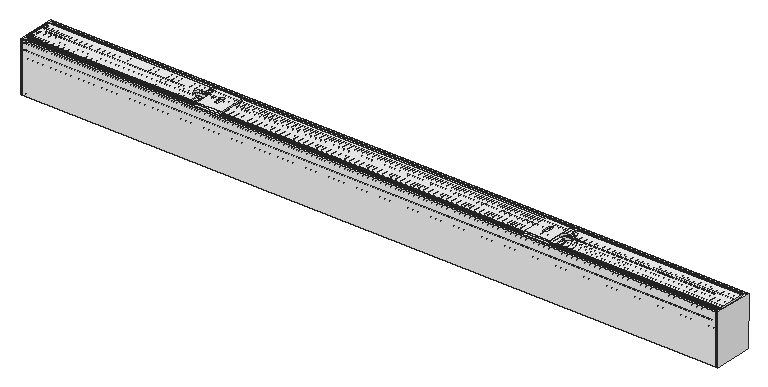
Revit family "RAD010015", category Luminaires, Revit 2015
Parameters (values of type "Radian Spaceline Encastré Individuel 45 W")
  Description = "Appareillage électronique pour modules LED d'environ 17,8W/m et 2320 lm/m. Convertisseur électronique à courant constant"
  Commentaires du type = "Options : Gradation, pilotage par cellule centrale, température de couleur : 3000K ou 4000K, angle à 90°"
  Wattage = 12 W
  built-in parameter 1150110 = 1 (stored number, unit not read)
  Fabricant = "Radian"
  built-in parameter 1114217 = 1 (stored number, unit not read)
  built-in parameter 1150109 = 1 (stored number, unit not read)
  Emettre à partir de la longueur de la ligne = 1122 mm
  built-in parameter 1150134 = 12
  built-in parameter 1150113 = 1 (stored number, unit not read)
  Lumens = 1782.5 lm
  built-in parameter 1150115 = 1 (stored number, unit not read)
  built-in parameter 1150105 = 567.39 (stored number, unit not read)
  Taille du symbole de la source d'éclairage = 600 mm
  built-in parameter 1150137 = (empty or 0)
  built-in parameter 1150139 = (empty or 0)
  built-in parameter 1150112 = 1 (stored number, unit not read)
  built-in parameter 1150114 = 1 (stored number, unit not read)
  built-in parameter 1150132 = (empty or 0)
  built-in parameter 1150102 = (empty or 0)
  built-in parameter 1150138 = (empty or 0)
  built-in parameter 1150107 = 4000 (stored number, unit not read)
  built-in parameter 1150106 = 5.6739 (stored number, unit not read)
  built-in parameter 1150104 = 13.8 (stored number, unit not read)
  Dimming Lamp Color Temperature Shift = (empty or 0)
  Color Filter = 16777215
  built-in parameter 1114218 = 1 (stored number, unit not read)
  built-in parameter 1150133 = 10 (stored number, unit not read)
  URL = "www.radian.fr"
  Téléphone = "0033 (0)1 43 21 65 65"
  Puissance = "45W"
  Paramètres = "Langue"
  Palette RAL = "Gris ardoise RAL 7015, gris clair RAL 7047, blanc RAL 9003, gris nickel"
  Normes = "NF EN 60-598 - NF EN 55015 - NF EN 61547"
  Modèle = "Réf. 104"
  Matériaux et finitions = "Profil en aluminium extrudé. Modèle encastré avec ailettes latérales de finition. Diffusion par profil opalisé pour une répartition optimale de la lumière, en garantissant confort et efficacité. Réflecteurs latéraux blancs en aluminium enrichi. Kit de suspension avec fiilins acier et masselottes de réglage de blocage. Embout de finition pour les modules de début et fin de ligne."
  Longueur = "2802"
  Largeur = "76"
  Intensité lumineuse = "76 lm/w"
  Information = "Français"
  Hauteur = "80"
  Fax = "0033 (0)1 43 21 72 61"
  Email = "contact@radian.fr"
  Adresse = "5ter rue d'Arsonval - 75015 Paris - France"
Types (4, lengths in mm): name | Puissance | Modèle | Longueur | Intensité lumineuse
  Radian Spaceline Encastré Individuel 20 W | "20W" | "Réf. 100" | "1122" | "75 lm/w"
  Radian Spaceline Encastré Individuel 29 W | "29W" | "Réf. 102" | "1682" | "74 lm/w"
  Radian Spaceline Encastré Individuel 36 W | "36W" | "Réf. 104" | "2242" | "76 lm/w"
  Radian Spaceline Encastré Individuel 45 W | "45W" | "Réf. 104" | "2802" | "76 lm/w"
Reference planes
  plane 1 "Light Source Axis (F/B)": y = 0
  plane 2: z = 0
  plane 3 "Light Source Axis (L/R)": x = 0
  plane 4 "Ceiling": z = 4000
  plane 5 "Light Source Elevation": z = 3997.5
Forms (mm)
  Extrusion 1, void
    sketch origin (0, 0, 3997.5) x (1, 0, 0) y (0, 1, 0)
      loop
        line (564, 30.8) -> (-564, 30.8) -> (-564, -30.8) -> (564, -30.8) -> (564, 30.8)
    from 0 to 80.781
Dimensions and locks
  equal spacing: host sketch curve, plane 3 "Light Source Axis (L/R)", host sketch curve
  equal spacing: host sketch curve, plane 1 "Light Source Axis (F/B)", host sketch curve
  host sketch curve to host sketch curve = 4000 mm  (x2)
  locked: plane 4 "Ceiling" to host ceiling at 0
  aligned and locked: plane 3 "Light Source Axis (L/R)" to imposter light
  aligned and locked: plane 1 "Light Source Axis (F/B)" to imposter light
  aligned and locked: plane 5 "Light Source Elevation" to imposter light
Nested families
  nested 1: "Radian" at (2.332, 0.338, 3997.5) x (0, 1, 0) z (0, 0, 1), type "Radian"
Definition of nested family "Radian"
  Parameters (values of type "Radian Spaceline Plafonnier 1122 mm module individuel")
    Polantis code = ""
    Light = none
    Finition = none
    Model = "110 Plafonnier Spaceline 1122mm module individuel"
    Manufacturer = "Radian"
  Reference planes
    plane 1 "Center (Front/Back)": y = 0
    plane 2: z = 0
    plane 3 "Center (Left/Right)": x = 0
  Forms (mm)
    Extrusion 1, solid, material <- "Finition"
      sketch origin (0, 2341.332, 38.621) x (1, 0, 0) y (0, 0, 1)
        loop
          line (-29.338, 41.379) -> (-31.138, 41.379) -> (-31.138, -38.621) -> (-28.338, -38.621) -> (-28.338, -34.186) -> (-27.941, -32.703) -> (-26.85, -31.356) -> (-26.064, -29.503) -> (-27.293, -27.871) -> (-28.338, -27.428) -> (-25.559, -24.649) -> (-25.559, -23.198)
          arc (-25.559, -23.198) -> (-26.104, -23.153) -> (-26.553, -23.464) r 0.81
          line (-26.553, -23.464) -> (-27.826, -24.738)
          arc (-27.826, -24.738) -> (-28.181, -24.516) -> (-28.338, -24.127) r 0.678
          line (-28.338, -24.127) -> (-28.338, -20.621) -> (-26.425, -20.621)
          arc (-26.425, -20.621) -> (-26.093, -20.234) -> (-25.812, -19.808) r 4.108
          line (-25.812, -19.808) -> (-23.262, -15.013) -> (-24.858, -14.165) -> (-26.932, -18.066)
          arc (-26.932, -18.066) -> (-27.709, -18.188) -> (-28.338, -17.715) r 1.01
          line (-28.338, -17.715) -> (-28.338, -3.84)
          arc (-28.338, -3.84) -> (-28.04, -3.12) -> (-27.319, -2.821) r 1.019
          line (-27.319, -2.821) -> (-25.353, -2.821) -> (-24.511, -3.288) -> (-24.511, -4.367)
          arc (-24.511, -4.367) -> (-25.127, -5.786) -> (-24.926, -7.319) r 2.897
          arc (-24.926, -7.319) -> (-24.484, -7.612) -> (-24.042, -7.319) r 0.48
          line (-24.042, -7.319) -> (-21.73, -2.972) -> (-19.523, -4.145) -> (-21.97, -8.747) -> (-20.385, -9.59) -> (-17.097, -3.407) -> (-21.503, -1.065) -> (-28.338, -1.065) -> (-28.338, 1.893)
          arc (-28.338, 1.893) -> (-27.918, 2.026) -> (-27.49, 1.923) r 0.824
          line (-27.49, 1.923) -> (-26.38, 1.308) -> (-24.652, 1.308)
          arc (-24.652, 1.308) -> (-24.29, 1.707) -> (-24.422, 2.23) r 0.571
          line (-24.422, 2.23) -> (-28.338, 4.491) -> (-28.338, 6.281)
          arc (-28.338, 6.281) -> (-27.957, 6.428) -> (-27.557, 6.349) r 0.735
          line (-27.557, 6.349) -> (-23.613, 4.073)
          arc (-23.613, 4.073) -> (-23.036, 4.002) -> (-22.585, 4.367) r 0.744
          line (-22.585, 4.367) -> (-22.096, 5.287) -> (-28.338, 8.891) -> (-28.338, 10.379) -> (-18.888, 10.379) -> (-18.888, 8.489) -> (-18.058, 6.208)
          arc (-18.058, 6.208) -> (-17.51, 5.885) -> (-17.088, 6.362) r 0.5
          line (-17.088, 6.362) -> (-17.088, 10.379) -> (-14.533, 10.379) -> (-14.533, 5.879) -> (13.912, 5.879) -> (13.912, 10.379) -> (16.412, 10.379) -> (16.412, 6.379)
          arc (16.412, 6.379) -> (16.825, 5.887) -> (17.382, 6.208) r 0.5
          line (17.382, 6.208) -> (18.212, 8.489) -> (18.212, 10.379) -> (27.662, 10.379) -> (27.662, 8.833) -> (21.415, 5.227) -> (22.277, 3.734) -> (27.194, 6.572)
          arc (27.194, 6.572) -> (27.533, 6.327) -> (27.662, 5.928) r 0.672
          line (27.662, 5.928) -> (27.662, 4.474) -> (23.674, 2.172)
          arc (23.674, 2.172) -> (23.535, 1.612) -> (24.013, 1.288) r 0.504
          line (24.013, 1.288) -> (25.704, 1.288) -> (27.237, 2.174)
          arc (27.237, 2.174) -> (27.578, 1.88) -> (27.662, 1.439) r 0.682
          line (27.662, 1.439) -> (27.662, -1.021) -> (20.892, -1.021) -> (16.477, -3.368) -> (19.756, -9.535) -> (21.284, -8.723) -> (18.85, -4.143) -> (21.053, -2.972) -> (23.353, -7.296)
          arc (23.353, -7.296) -> (24.252, -7.129) -> (24.512, -6.253) r 0.876
          line (24.512, -6.253) -> (24.101, -4.709)
          arc (24.101, -4.709) -> (24.129, -3.674) -> (24.715, -2.821) r 1.827
          line (24.715, -2.821) -> (26.662, -2.821)
          arc (26.662, -2.821) -> (27.44, -3.143) -> (27.762, -3.921) r 1.1
          line (27.762, -3.921) -> (27.762, -17.705)
          arc (27.762, -17.705) -> (27.169, -18.476) -> (26.271, -18.101) r 0.798
          line (26.271, -18.101) -> (24.318, -14.097) -> (22.622, -14.924) -> (25.531, -20.635) -> (27.658, -20.635) -> (27.658, -24.525)
          arc (27.658, -24.525) -> (27.241, -24.626) -> (26.853, -24.441) r 0.644
          line (26.853, -24.441) -> (25.424, -23.012)
          arc (25.424, -23.012) -> (25.056, -23.209) -> (24.912, -23.601) r 0.589
          line (24.912, -23.601) -> (24.912, -24.643) -> (27.658, -27.39) -> (26.627, -27.871)
          arc (26.627, -27.871) -> (25.545, -29.072) -> (25.658, -30.685) r 2.068
          line (25.658, -30.685) -> (27.364, -32.718) -> (27.705, -34.471) -> (27.705, -38.621) -> (30.462, -38.621) -> (30.462, 41.379) -> (28.64, 41.379) -> (28.64, 38.765) -> (25.953, 34.928) -> (27.17, 34.076) -> (28.104, 35.41)
          arc (28.104, 35.41) -> (28.539, 35.23) -> (28.64, 34.77) r 0.509
          line (28.64, 34.77) -> (28.64, 30.179) -> (21.962, 30.179) -> (21.962, 37.775) -> (21.162, 37.775) -> (21.162, 38.979)
          arc (21.162, 38.979) -> (21.762, 39.579) -> (21.162, 40.179) r 0.6
          line (21.162, 40.179) -> (20.02, 40.179)
          arc (20.02, 40.179) -> (19.718, 39.871) -> (19.662, 39.444) r 0.68
          line (19.662, 39.444) -> (19.662, 36.176) -> (20.462, 36.176) -> (20.462, 28.412) -> (23.054, 28.412)
          arc (23.054, 28.412) -> (23.299, 28.043) -> (23.256, 27.602) r 0.659
          arc (23.256, 27.602) -> (23.206, 27.201) -> (23.228, 26.799) r 2.267
          line (23.228, 26.799) -> (24.16, 26.07) -> (24.907, 27.061) -> (26.155, 28.354) -> (27.399, 27.109)
          arc (27.399, 27.109) -> (27.016, 26.266) -> (26.311, 25.666) r 2.127
          arc (26.311, 25.666) -> (26.428, 24.703) -> (27.356, 24.421) r 0.889
          line (27.356, 24.421) -> (28.154, 24.959)
          arc (28.154, 24.959) -> (28.503, 24.737) -> (28.662, 24.354) r 0.689
          line (28.662, 24.354) -> (28.662, 15.821)
          arc (28.662, 15.821) -> (28.18, 15.683) -> (27.737, 15.918) r 0.669
          arc (27.737, 15.918) -> (26.519, 15.843) -> (26.614, 14.626) r 0.856
          line (26.614, 14.626) -> (27.228, 14.108)
          arc (27.228, 14.108) -> (27.325, 13.582) -> (27.086, 13.104) r 0.843
          line (27.086, 13.104) -> (26.178, 12.195) -> (24.186, 14.486) -> (23.194, 13.739)
          arc (23.194, 13.739) -> (23.205, 13.131) -> (23.341, 12.538) r 2.957
          arc (23.341, 12.538) -> (23.02, 12.262) -> (22.605, 12.179) r 0.837
          line (22.605, 12.179) -> (9.083, 12.179) -> (9.083, 10.379) -> (12.112, 10.379) -> (12.112, 7.679) -> (2.712, 7.679) -> (2.712, 10.379) -> (5.722, 10.379) -> (5.722, 12.179) -> (0.912, 12.179) -> (0.912, 7.679) -> (-1.588, 7.679) -> (-1.588, 12.179) -> (-6.391, 12.179) -> (-6.391, 10.379) -> (-3.388, 10.379) -> (-3.388, 7.679) -> (-12.788, 7.679) -> (-12.788, 10.379) -> (-9.768, 10.379) -> (-9.768, 12.179) -> (-23.784, 12.179)
          arc (-23.784, 12.179) -> (-23.944, 12.625) -> (-23.897, 13.097) r 1.082
          arc (-23.897, 13.097) -> (-23.954, 13.636) -> (-24.272, 14.075) r 1.05
          line (-24.272, 14.075) -> (-25.087, 14.16) -> (-26.823, 12.232) -> (-28.097, 13.379) -> (-27.906, 14.146)
          arc (-27.906, 14.146) -> (-27.272, 15.187) -> (-28.045, 16.129) r 1.053
          line (-28.045, 16.129) -> (-28.841, 15.571)
          arc (-28.841, 15.571) -> (-29.221, 15.787) -> (-29.338, 16.207) r 0.573
          line (-29.338, 16.207) -> (-29.338, 24.708)
          arc (-29.338, 24.708) -> (-28.93, 24.869) -> (-28.522, 24.708) r 0.598
          arc (-28.522, 24.708) -> (-28.128, 24.512) -> (-27.691, 24.561) r 0.773
          line (-27.691, 24.561) -> (-26.907, 24.863) -> (-27.338, 25.987)
          arc (-27.338, 25.987) -> (-27.889, 26.44) -> (-28.079, 27.128) r 1.182
          line (-28.079, 27.128) -> (-26.833, 28.374) -> (-25.588, 27.129) -> (-24.791, 26.072) -> (-23.918, 26.804)
          arc (-23.918, 26.804) -> (-23.895, 27.426) -> (-24.026, 28.035) r 2.498
          arc (-24.026, 28.035) -> (-23.713, 28.288) -> (-23.321, 28.379) r 0.895
          line (-23.321, 28.379) -> (-21.438, 28.379)
          arc (-21.438, 28.379) -> (-21.196, 28.811) -> (-21.138, 29.302) r 1.257
          line (-21.138, 29.302) -> (-21.138, 36.179) -> (-20.353, 36.179) -> (-20.353, 40.183) -> (-22.346, 40.183) -> (-22.346, 38.985) -> (-21.433, 38.985) -> (-21.433, 37.771) -> (-22.625, 37.771) -> (-22.625, 30.179) -> (-29.338, 30.179) -> (-29.338, 35.229)
          arc (-29.338, 35.229) -> (-28.899, 35.317) -> (-28.544, 35.045) r 0.543
          line (-28.544, 35.045) -> (-27.968, 34.192)
          arc (-27.968, 34.192) -> (-27.084, 34.429) -> (-26.91, 35.327) r 0.863
          line (-26.91, 35.327) -> (-29.338, 38.796) -> (-29.338, 41.379)
      from 1778 to 2900
    Extrusion 2, solid, material <- "Finition"
      sketch origin (0, 2341.332, 38.621) x (1, 0, 0) y (0, 0, 1)
        loop
          line (-28.315, 34.719) -> (-28.539, 33.885) -> (-27.022, 33.479)
          arc (-27.022, 33.479) -> (-25.981, 33.662) -> (-25.453, 34.577) r 1.25
          line (-25.453, 34.577) -> (-25.024, 39.477) -> (-24.036, 41.504) -> (-21.841, 42.347) -> (21.093, 42.347) -> (23.35, 41.48) -> (24.352, 39.425) -> (24.745, 34.941) -> (25.276, 34.021) -> (26.364, 33.491) -> (27.846, 33.944) -> (27.639, 34.719) -> (26.184, 34.329)
          arc (26.184, 34.329) -> (25.559, 34.439) -> (25.242, 34.988) r 0.75
          line (25.242, 34.988) -> (24.854, 39.433) -> (23.655, 41.891) -> (21.164, 42.847) -> (-21.826, 42.847) -> (-24.353, 41.877) -> (-25.527, 39.469) -> (-25.919, 34.988)
          arc (-25.919, 34.988) -> (-26.236, 34.439) -> (-26.86, 34.329) r 0.75
          line (-26.86, 34.329) -> (-28.315, 34.719)
      from 2052.911 to 2092.911
    Extrusion 3, solid, material <- "Finition"
      sketch origin (0, 2341.332, 38.621) x (1, 0, 0) y (0, 0, 1)
        loop
          line (-18.346, 38.092) -> (-18.346, 39.7)
          arc (-18.346, 39.7) -> (-18.111, 40.108) -> (-17.64, 40.108) r 0.47
          line (-17.64, 40.108) -> (-16.923, 39.12) -> (-16.044, 40.331) -> (-15.165, 39.12) -> (-14.286, 40.331) -> (-13.406, 39.12) -> (-12.527, 40.331) -> (-11.648, 39.12) -> (-10.769, 40.331) -> (-9.916, 39.158) -> (-9.037, 40.368) -> (-8.165, 39.168) -> (-7.311, 40.344) -> (-6.436, 39.139) -> (-5.567, 40.334) -> (-4.7, 39.141) -> (-3.84, 40.325) -> (-2.959, 39.113) -> (-2.072, 40.334) -> (-1.212, 39.151) -> (-0.34, 40.351) -> (0.534, 39.148) -> (1.416, 40.362) -> (2.305, 39.138) -> (3.149, 40.299) -> (4.003, 39.124) -> (4.895, 40.351) -> (5.78, 39.133) -> (6.654, 40.335) -> (7.515, 39.15) -> (8.382, 40.344) -> (9.251, 39.149) -> (10.143, 40.378) -> (11.017, 39.176) -> (11.892, 40.38) -> (12.747, 39.202) -> (13.607, 40.387) -> (14.502, 39.156) -> (15.359, 40.336) -> (16.244, 39.117) -> (16.958, 40.1)
          arc (16.958, 40.1) -> (17.416, 40.052) -> (17.66, 39.661) r 0.525
          line (17.66, 39.661) -> (17.66, 38.034) -> (18.858, 34.347) -> (16.984, 31.348) -> (18.183, 30.477) -> (19.879, 33.299)
          arc (19.879, 33.299) -> (20.157, 34.21) -> (20.074, 35.159) r 2.497
          line (20.074, 35.159) -> (19.162, 38.341) -> (19.162, 39.656)
          arc (19.162, 39.656) -> (19.549, 40.165) -> (20.189, 40.179) r 0.737
          line (20.189, 40.179) -> (20.871, 42.16) -> (-21.48, 42.16) -> (-21.066, 40.717)
          arc (-21.066, 40.717) -> (-20.858, 40.335) -> (-20.451, 40.183) r 0.621
          arc (-20.451, 40.183) -> (-20.022, 40.005) -> (-19.844, 39.576) r 0.607
          line (-19.844, 39.576) -> (-19.844, 38.26) -> (-20.594, 35.646)
          arc (-20.594, 35.646) -> (-20.836, 34.648) -> (-20.735, 33.625) r 3.061
          line (-20.735, 33.625) -> (-18.787, 30.383) -> (-17.554, 31.278) -> (-19.558, 34.363) -> (-18.346, 38.092)
      from 1778 to 2043
    Extrusion 4, solid, material <- "Light"
      sketch origin (0, 2341.332, 38.621) x (1, 0, 0) y (0, 0, 1)
        loop
          arc (-27.03, -26.886) -> (-27.425, -27.148) -> (-27.506, -27.616) r 0.6
          line (-27.506, -27.616) -> (-26.08, -29.509) -> (-26.861, -31.348) -> (-27.95, -32.694)
          arc (-27.95, -32.694) -> (-28.015, -33.1) -> (-28.036, -33.511) r 3.929
          line (-28.036, -33.511) -> (-28.036, -38.035)
          arc (-28.036, -38.035) -> (-27.69, -38.387) -> (-27.213, -38.51) r 0.921
          line (-27.213, -38.51) -> (26.708, -38.51)
          arc (26.708, -38.51) -> (27.17, -38.318) -> (27.362, -37.856) r 0.654
          line (27.362, -37.856) -> (27.362, -32.716) -> (25.658, -30.685) -> (25.448, -29.774) -> (25.765, -28.669) -> (26.906, -27.741)
          arc (26.906, -27.741) -> (26.927, -27.208) -> (26.464, -26.944) r 0.513
          arc (26.464, -26.944) -> (23.901, -29.705) -> (25.264, -33.218) r 3.551
          line (25.264, -33.218) -> (25.264, -36.496) -> (-25.878, -36.496) -> (-25.878, -33.21)
          arc (-25.878, -33.21) -> (-24.425, -29.678) -> (-27.03, -26.886) r 3.536
      from 1778 to 2900
    Extrusion 5, solid
      sketch origin (0, 2075.332, 38.621) x (1, 0, 0) y (0, 0, 1)
        loop
          line (-18.346, 38.092) -> (-18.346, 39.7)
          arc (-18.346, 39.7) -> (-18.111, 40.108) -> (-17.64, 40.108) r 0.47
          line (-17.64, 40.108) -> (-16.923, 39.12) -> (-16.044, 40.331) -> (-15.165, 39.12) -> (-14.286, 40.331) -> (-13.406, 39.12) -> (-12.527, 40.331) -> (-11.648, 39.12) -> (-10.769, 40.331) -> (-9.916, 39.158) -> (-9.037, 40.368) -> (-8.165, 39.168) -> (-7.311, 40.344) -> (-6.436, 39.139) -> (-5.567, 40.334) -> (-4.7, 39.141) -> (-3.84, 40.325) -> (-2.959, 39.113) -> (-2.072, 40.334) -> (-1.212, 39.151) -> (-0.34, 40.351) -> (0.534, 39.148) -> (1.416, 40.362) -> (2.305, 39.138) -> (3.149, 40.299) -> (4.003, 39.124) -> (4.895, 40.351) -> (5.78, 39.133) -> (6.654, 40.335) -> (7.515, 39.15) -> (8.382, 40.344) -> (9.251, 39.149) -> (10.143, 40.378) -> (11.017, 39.176) -> (11.892, 40.38) -> (12.747, 39.202) -> (13.607, 40.387) -> (14.502, 39.156) -> (15.359, 40.336) -> (16.244, 39.117) -> (16.958, 40.1)
          arc (16.958, 40.1) -> (17.416, 40.052) -> (17.66, 39.661) r 0.525
          line (17.66, 39.661) -> (17.66, 38.034) -> (18.858, 34.347) -> (16.984, 31.348) -> (18.183, 30.477) -> (19.879, 33.299)
          arc (19.879, 33.299) -> (20.157, 34.21) -> (20.074, 35.159) r 2.497
          line (20.074, 35.159) -> (19.162, 38.341) -> (19.162, 39.656)
          arc (19.162, 39.656) -> (19.549, 40.165) -> (20.189, 40.179) r 0.737
          line (20.189, 40.179) -> (20.871, 42.16) -> (-21.48, 42.16) -> (-21.066, 40.717)
          arc (-21.066, 40.717) -> (-20.858, 40.335) -> (-20.451, 40.183) r 0.621
          arc (-20.451, 40.183) -> (-20.022, 40.005) -> (-19.844, 39.576) r 0.607
          line (-19.844, 39.576) -> (-19.844, 38.26) -> (-20.594, 35.646)
          arc (-20.594, 35.646) -> (-20.836, 34.648) -> (-20.735, 33.625) r 3.061
          line (-20.735, 33.625) -> (-18.787, 30.383) -> (-17.554, 31.278) -> (-19.558, 34.363) -> (-18.346, 38.092)
      from 1778 to 2368
    Extrusion 6, solid
      sketch origin (0, 1484.332, 38.621) x (1, 0, 0) y (0, 0, 1)
        loop
          line (-18.346, 38.092) -> (-18.346, 39.7)
          arc (-18.346, 39.7) -> (-18.111, 40.108) -> (-17.64, 40.108) r 0.47
          line (-17.64, 40.108) -> (-16.923, 39.12) -> (-16.044, 40.331) -> (-15.165, 39.12) -> (-14.286, 40.331) -> (-13.406, 39.12) -> (-12.527, 40.331) -> (-11.648, 39.12) -> (-10.769, 40.331) -> (-9.916, 39.158) -> (-9.037, 40.368) -> (-8.165, 39.168) -> (-7.311, 40.344) -> (-6.436, 39.139) -> (-5.567, 40.334) -> (-4.7, 39.141) -> (-3.84, 40.325) -> (-2.959, 39.113) -> (-2.072, 40.334) -> (-1.212, 39.151) -> (-0.34, 40.351) -> (0.534, 39.148) -> (1.416, 40.362) -> (2.305, 39.138) -> (3.149, 40.299) -> (4.003, 39.124) -> (4.895, 40.351) -> (5.78, 39.133) -> (6.654, 40.335) -> (7.515, 39.15) -> (8.382, 40.344) -> (9.251, 39.149) -> (10.143, 40.378) -> (11.017, 39.176) -> (11.892, 40.38) -> (12.747, 39.202) -> (13.607, 40.387) -> (14.502, 39.156) -> (15.359, 40.336) -> (16.244, 39.117) -> (16.958, 40.1)
          arc (16.958, 40.1) -> (17.416, 40.052) -> (17.66, 39.661) r 0.525
          line (17.66, 39.661) -> (17.66, 38.034) -> (18.858, 34.347) -> (16.984, 31.348) -> (18.183, 30.477) -> (19.879, 33.299)
          arc (19.879, 33.299) -> (20.157, 34.21) -> (20.074, 35.159) r 2.497
          line (20.074, 35.159) -> (19.162, 38.341) -> (19.162, 39.656)
          arc (19.162, 39.656) -> (19.549, 40.165) -> (20.189, 40.179) r 0.737
          line (20.189, 40.179) -> (20.871, 42.16) -> (-21.48, 42.16) -> (-21.066, 40.717)
          arc (-21.066, 40.717) -> (-20.858, 40.335) -> (-20.451, 40.183) r 0.621
          arc (-20.451, 40.183) -> (-20.022, 40.005) -> (-19.844, 39.576) r 0.607
          line (-19.844, 39.576) -> (-19.844, 38.26) -> (-20.594, 35.646)
          arc (-20.594, 35.646) -> (-20.836, 34.648) -> (-20.735, 33.625) r 3.061
          line (-20.735, 33.625) -> (-18.787, 30.383) -> (-17.554, 31.278) -> (-19.558, 34.363) -> (-18.346, 38.092)
      from 1778 to 2043
    Extrusion 7, solid, material <- "Finition"
      sketch origin (0, 2341.332, 38.621) x (1, 0, 0) y (0, 0, 1)
        loop
          line (-31.138, 41.379) -> (-31.138, -38.621) -> (30.462, -38.621) -> (30.462, 41.379) -> (-31.138, 41.379)
      from 1775 to 1778
    Extrusion 8, solid, material <- "Finition"
      sketch origin (0, 1216.332, 38.621) x (1, 0, 0) y (0, 0, 1)
        loop
          line (-31.138, 41.379) -> (-31.138, -38.621) -> (30.462, -38.621) -> (30.462, 41.379) -> (-31.138, 41.379)
      from 1775 to 1778
    Sweep 9, void
      path origin (0, 2341.332, 38.621) x (1, 0, 0) y (0, 0, 1)
        loop
          line (-8.543, 42.347) -> (-8.543, 43.285)
      profile origin (-8.543, 2341.332, 81.437) x (-1, 0, 0) y (0, -1, 0)
        loop
          arc (-13.155, 2076.161) -> (-16.39, 2072.925) -> (-13.155, 2069.69) r 3.236
          line (-13.155, 2069.69) -> (-3.255, 2069.69)
          arc (-3.255, 2069.69) -> (-0.019, 2072.925) -> (-3.255, 2076.161) r 3.236
          line (-3.255, 2076.161) -> (-13.155, 2076.161)
    Extrusion 10, solid
      sketch origin (0, 1810.062, 38.621) x (1, 0, 0) y (0, 0, 1)
        loop
          line (-28.315, 34.719) -> (-28.539, 33.885) -> (-27.022, 33.479)
          arc (-27.022, 33.479) -> (-25.981, 33.662) -> (-25.453, 34.577) r 1.25
          line (-25.453, 34.577) -> (-25.024, 39.477) -> (-24.036, 41.504) -> (-21.841, 42.347) -> (21.093, 42.347) -> (23.35, 41.48) -> (24.352, 39.425) -> (24.745, 34.941) -> (25.276, 34.021) -> (26.364, 33.491) -> (27.846, 33.944) -> (27.639, 34.719) -> (26.184, 34.329)
          arc (26.184, 34.329) -> (25.559, 34.439) -> (25.242, 34.988) r 0.75
          line (25.242, 34.988) -> (24.854, 39.433) -> (23.655, 41.891) -> (21.164, 42.847) -> (-21.826, 42.847) -> (-24.353, 41.877) -> (-25.527, 39.469) -> (-25.919, 34.988)
          arc (-25.919, 34.988) -> (-26.236, 34.439) -> (-26.86, 34.329) r 0.75
          line (-26.86, 34.329) -> (-28.315, 34.719)
      from 2052.911 to 2092.911
    Sweep 11, void
      path origin (0, 1810.062, 38.621) x (1, 0, 0) y (0, 0, 1)
        loop
          line (-8.543, 42.347) -> (-8.543, 43.285)
      profile origin (-8.543, 1810.062, 81.437) x (-1, 0, 0) y (0, -1, 0)
        loop
          arc (-13.155, 2076.161) -> (-16.39, 2072.925) -> (-13.155, 2069.69) r 3.236
          line (-13.155, 2069.69) -> (-3.255, 2069.69)
          arc (-3.255, 2069.69) -> (-0.019, 2072.925) -> (-3.255, 2076.161) r 3.236
          line (-3.255, 2076.161) -> (-13.155, 2076.161)
    Sweep 12, void
      path origin (0, 2341.332, 38.621) x (1, 0, 0) y (0, 0, 1)
        loop
          line (-6.338, 42.16) -> (-6.338, 38.447)
      profile origin (-6.338, 2341.332, 78.924) x (0, -1, 0) y (1, 0, 0)
        loop
          line (2630.449, -0.269) -> (2640.1, -0.269)
          arc (2640.1, -0.269) -> (2646.394, 6.025) -> (2640.1, 12.32) r 6.294
          line (2640.1, 12.32) -> (2630.449, 12.32)
          arc (2630.449, 12.32) -> (2624.155, 6.025) -> (2630.449, -0.269) r 6.294
    Sweep 13, void
      path origin (0, 2341.332, 38.621) x (1, 0, 0) y (0, 0, 1)
        loop
          line (-6.607, 42.16) -> (-6.607, 37.696)
      profile origin (-6.607, 2341.332, 78.549) x (0, -1, 0) y (1, 0, 0)
        loop
          line (2048, 12.625) -> (2038, 12.625)
          arc (2038, 12.625) -> (2031.627, 6.252) -> (2038, -0.12) r 6.373
          line (2038, -0.12) -> (2048, -0.12)
          arc (2048, -0.12) -> (2054.373, 6.252) -> (2048, 12.625) r 6.373
  Cuts and joins
    Sweep 9, Sweep 11, Sweep 13 cuts Extrusion 2
    Sweep 11 cuts Extrusion 10
    Sweep 12, Sweep 13 cuts Extrusion 1
    Sweep 12, Sweep 13 cuts Extrusion 5
    Sweep 12 cuts Extrusion 6
    Sweep 13 cuts Extrusion 3
  Dimensions and locks
    Extrusion 1 to Extrusion 7 = 1.8 mm
